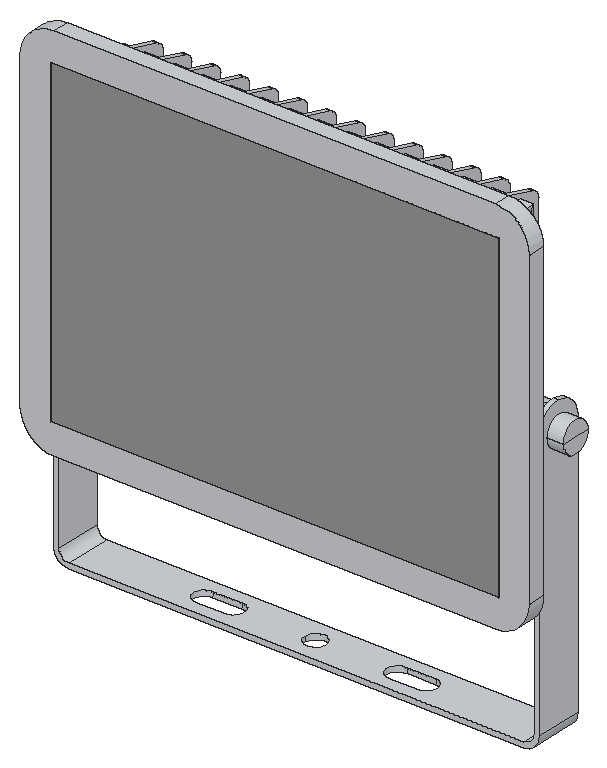
Revit family "START Flood Flat - 27W", category Lighting Fixtures, Revit 2017
Family settings
  Round Connector Dimension = Use Diameter
  Part Type = Normal
  OmniClass Number = 23.80.70.00
  OmniClass Title = Lighting
  Work Plane-Based = No
  Always vertical = Yes
  Cut with Voids When Loaded = No
  Light Source = Yes
  Shared = No
  Room Calculation Point = No
Parameters (values of type "0050113 ST FLD FLT IP65 2850LM 830 BK")
  Weight = "3.06 kg"
  Wattage = 27 W
  WarrantyStartDate [instance] = "n/a"
  WarrantyGuarantorParts = "n/a"
  WarrantyDurationUnit = "n/a"
  WarrantyDurationParts = "n/a"
  WarrantyDescription = "n/a"
  built-in parameter 1150110 = 1 (stored number, unit not read)
  Voltage = 0 V
  URL = "http://www.sylvania-lighting.com"
  TypeName = "Start Flood Flat IP65 2850LM 830 Black"
  built-in parameter 1114217 = 1 (stored number, unit not read)
  Tilt Angle = 0.00°
  built-in parameter 1150109 = 1 (stored number, unit not read)
  built-in parameter 1150134 = (empty or 0)
  built-in parameter 1150113 = 1 (stored number, unit not read)
  SerialNumber [instance] = "n/a"
  PowerFactor = 0.9
  PowerConsumption = "27 W"
  Photometric Web File = "0050113.ies"
  NominalWidth = 0 mm
  NominalLength = 133 mm
  NominalHeight = 28 mm
  Name = "Start Flood Flat IP65 2850LM 830 Black"
  ModelReference = "Start Flood Flat IP65 2850LM 830 Black"
  ModelNumber = "0050113"
  Model = "Start Flood Flat IP65 2850LM 830 Black"
  Material_4_FEILO = none
  Material_3_FEILO = none
  Material_2_FEILO = Default New Material
  Material_1_FEILO = none
  Material = "n/a"
  ManufacturerName = "Feilo Sylvania"
  Manufacturer = "Feilo Sylvania"
  LuminousEfficacy = "106 lm/W"
  Lumens = 2862 lm
  LuminaireType = ""
  built-in parameter 1150115 = 1 (stored number, unit not read)
  built-in parameter 1150105 = -3030228.4 (stored number, unit not read)
  LightOutputRatio = "n/a"
  built-in parameter 1150137 = (empty or 0)
  built-in parameter 1150139 = (empty or 0)
  LampsType = "LED"
  LampNominalLuminous = "2850 lm"
  LampMacAdamStep = "5"
  LampColourTemperature = "3000 K"
  LampColourRenderingIndex = "80"
  built-in parameter 1150112 = 1 (stored number, unit not read)
  built-in parameter 1150114 = 1 (stored number, unit not read)
  Lamp = "LED"
  LUM_WIDTH_SYL = 75 mm  # constant formula
  LUM_HEIGHT_SYL = 56 mm  # constant formula
  LUM_EXTR_ST_SYL = -5 mm
  LUM_EXTR_END_SYL = 0 mm
  LUM_DEPTH_SYL = 28 mm
  Keynote = "16500"
  InstallationDate [instance] = "n/a"
  InputVoltage = "n/a"
  InputNominalFrequency = "n/a"
  built-in parameter 1150132 = 2
  built-in parameter 1150102 = (empty or 0)
  built-in parameter 1150138 = (empty or 0)
  built-in parameter 1150107 = 3000 (stored number, unit not read)
  IngressProtection = "IP65"
  ImpactProtectionIndex = "IK06"
  built-in parameter 1150106 = -30302.3 (stored number, unit not read)
  IfcExportType = "IfcLightFixtureType"
  IfcExportAs = "IfcLightFixtureType"
  ElectricShockClassification = "Class I"
  built-in parameter 1150104 = 9.8477 (stored number, unit not read)
  DocumentationLiterature = "http://www.sylvania-lighting.com/product/en-int/products/0050113"
  DimmingControlOptions = "n/a"
  Dimming Lamp Color Temperature Shift = <None>
  DIF_WIDTH_SYL = 66 mm  # constant formula
  DIF_HEIGHT_SYL = 47.5 mm  # constant formula
  CreatedOn = "12/2/2020"
  CreatedBy = "@sylvania-lighting.com"
  Color Filter = 16777215
  ClassificationValue = "EF_70_80"
  ClassificationName = "Uniclass2015"
  CABLE_SIDE_DIST_SYL = 44 mm
  CABLE_LENGTH_SYL = 5 mm
  CABLE_FRONT_DIST_SYL = 17.5 mm
  CABLES_DIST_SYL = 56 mm
  BarCode [instance] = "n/a"
  built-in parameter 1114218 = 1 (stored number, unit not read)
  B_RAIL_R_DIST_SYL = 7 mm
  B_RAIL_HEIGHT_SYL = 27 mm
  B_RAIL_DEPTH_SYL = 44 mm
  B_RAIL_CHAMFER_SYL = 7 mm
  BRACKET_HOLDER_WIDTH_SYL = 12 mm
  BRACKET_HOLDER_HEIGHT_SYL = 17 mm
  BRACKET_HOLDER_DIST_SIDE_SYL = 2.8 mm
  BRACKET_HOLDER_DIST_BOTT_SYL = 42 mm
  BRACKET_HOLDER_DEPTH_SYL = 5.7 mm
  BOX_WIDTH_SYL = 60.5 mm
  BOX_TOP_DIST_SYL = 10.5 mm
  BOX_DEPTH_SYL = 14 mm
  BOX_BOTT_DIST_SYL = 28 mm
  BACK_RAIL_WIDTH_SYL = 1.4 mm
  BACK_RAIL_SIDE_DIST_SYL = 19 mm
  BACK_PL_EXTR_ST_SYL = -6 mm
  BACK_PL_EXTR_ST(-1)_SYL = BACK_PL_EXTR_ST_SYL * (-1)  # 6 mm
  BACK_PL_EXTR_END_SYL = -3 mm
  BACK_PL_EXTR_END(-1)_SYL = BACK_PL_EXTR_END_SYL * (-1)  # 3 mm
  built-in parameter 1150133 = 10 (stored number, unit not read)
  AssetType = "Fixed"
  AssetIdentifier [instance] = "n/a"
  Assembly Code = "D5020200"
  Apparent Load = 27 VA
  0_18W_SYL = yes
Types (5, lengths in mm): name | TypeName | built-in parameter 1150134 | Photometric Web File | Name | ModelReference | ModelNumber | Model | LuminousEfficacy | Lumens | built-in parameter 1150105 | LampNominalLuminous | LampColourTemperature | built-in parameter 1150107 | built-in parameter 1150106 | built-in parameter 1150104 | DocumentationLiterature
  0050153 ST FLD FLT IP65 3000LM 865 BK | "Start Flood Flat IP65 3000LM 865 Black" | 1 | "0050153.ies" | "Start Flood Flat IP65 3000LM 865 Black" | "Start Flood Flat IP65 3000LM 865 Black" | "0050153" | "Start Flood Flat IP65 3000LM 865 Black" | "111 lm/W" | 2997 lm | -3340156.5 (stored number, unit not read) | "3000 lm" | "6500 K" | 6500 (stored number, unit not read) | -33401.6 (stored number, unit not read) | 10.312 (stored number, unit not read) | "http://www.sylvania-lighting.com/product/en-int/products/0050153"
  0050116 ST FLD FLT IP65 3000LM 840 WH | "Start Flood Flat IP65 3000LM 840 White" | 12 | "0050116.ies" | "Start Flood Flat IP65 3000LM 840 White" | "Start Flood Flat IP65 3000LM 840 White" | "0050116" | "Start Flood Flat IP65 3000LM 840 White" | "111 lm/W" | 2997 lm | -3340156.5 (stored number, unit not read) | "3000 lm" | "4000 K" | 4000 (stored number, unit not read) | -33401.6 (stored number, unit not read) | 10.312 (stored number, unit not read) | "http://www.sylvania-lighting.com/product/en-int/products/0050116"
  0050115 ST FLD FLT IP65 2850LM 830 WH | "Start Flood Flat IP65 2850LM 830 White" | (empty or 0) | "0050115.ies" | "Start Flood Flat IP65 2850LM 830 White" | "Start Flood Flat IP65 2850LM 830 White" | "0050115" | "Start Flood Flat IP65 2850LM 830 White" | "106 lm/W" | 2862 lm | -3030228.4 (stored number, unit not read) | "2850 lm" | "3000 K" | 3000 (stored number, unit not read) | -30302.3 (stored number, unit not read) | 9.8477 (stored number, unit not read) | "http://www.sylvania-lighting.com/product/en-int/products/0050115"
  0050114 ST FLD FLT IP65 3000LM 840 BK | "Start Flood Flat IP65 3000LM 840 Black" | 12 | "0050114.ies" | "Start Flood Flat IP65 3000LM 840 Black" | "Start Flood Flat IP65 3000LM 840 Black" | "0050114" | "Start Flood Flat IP65 3000LM 840 Black" | "111 lm/W" | 2997 lm | -3340156.5 (stored number, unit not read) | "3000 lm" | "4000 K" | 4000 (stored number, unit not read) | -33401.6 (stored number, unit not read) | 10.312 (stored number, unit not read) | "http://www.sylvania-lighting.com/product/en-int/products/0050114"
  0050113 ST FLD FLT IP65 2850LM 830 BK | "Start Flood Flat IP65 2850LM 830 Black" | (empty or 0) | "0050113.ies" | "Start Flood Flat IP65 2850LM 830 Black" | "Start Flood Flat IP65 2850LM 830 Black" | "0050113" | "Start Flood Flat IP65 2850LM 830 Black" | "106 lm/W" | 2862 lm | -3030228.4 (stored number, unit not read) | "2850 lm" | "3000 K" | 3000 (stored number, unit not read) | -30302.3 (stored number, unit not read) | 9.8477 (stored number, unit not read) | "http://www.sylvania-lighting.com/product/en-int/products/0050113"
Reference planes
  plane 1 "Light Source Axis (F/B)": y = 0
  plane 2: z = 0
  plane 3 "Light Source Axis (L/R)": x = 0
  plane 4 "Light Source Elevation": z = -0.469
  plane 5: x = 75
  plane 6: x = -75
  plane 7: z = 56
  plane 8: z = -56
  plane 9: x = 66
  plane 10: x = -66
  plane 11: z = 47.5
  plane 12: z = -47.5
  plane 13: y = 6
  plane 14: y = 3
  plane 15: x = -60.5
  plane 16: x = 60.5
  plane 17: y = 20
  plane 18: z = 45.5
  plane 19: z = -28
  plane 20: y = 28
  plane 21: z = -14
  plane 22: z = -2
  plane 23: y = 21
  plane 24: x = 54.2
  plane 25: x = 39.5
  plane 26: x = 31
  plane 27: x = -25
  plane 28: y = 14
  plane 29: z = -38
  plane 30: y = 27
  plane 31: z = 16
  plane 32: z = 9
  plane 33: x = 56
  plane 34: x = 54.6
  plane 35: x = 47.6
  plane 36: x = 20.8
  plane 37: x = 13.8
  plane 38: x = 12.4
  plane 39: x = 5.4
  plane 40: x = 4
  plane 41: z = -50.4
  plane 42: x = 64
  plane 43: x = 70
  plane 44: z = -59.1
Forms (mm)
  Extrusion 1, solid
    sketch origin (0, 0, 0) x (1, 0, 0) y (0, 0, 1)
      loop
        arc (-65, 56) -> (-72.071, 53.071) -> (-75, 46) r 10
        line (-75, 46) -> (-75, -46)
        arc (-75, -46) -> (-72.071, -53.071) -> (-65, -56) r 10
        line (-65, -56) -> (65, -56)
        arc (65, -56) -> (72.071, -53.071) -> (75, -46) r 10
        line (75, -46) -> (75, 46)
        arc (75, 46) -> (72.071, 53.071) -> (65, 56) r 10
        line (65, 56) -> (-65, 56)
      loop
        line (-66, 47.5) -> (-66, -47.5) -> (66, -47.5) -> (66, 47.5) -> (-66, 47.5)
    from -5 <- "LUM_EXTR_ST_SYL" to 0 <- "LUM_EXTR_END_SYL"
  Extrusion 2, solid, material "Default New Material" <- "Material_2_FEILO"
    sketch origin (0, 0, 0) x (1, 0, 0) y (0, 0, 1)
      loop
        line (-66, 47.5) -> (-66, -47.5) -> (66, -47.5) -> (66, 47.5) -> (-66, 47.5)
    from -3 <- "BACK_PL_EXTR_END_SYL" to 0 <- "LUM_EXTR_END_SYL"
  Extrusion 3, solid
    sketch origin (0, 0, 0) x (1, 0, 0) y (0, 0, 1)
      loop
        line (66, 47.5) -> (-66, 47.5) -> (-66, -47.5) -> (66, -47.5) -> (66, 47.5)
    from -6 <- "BACK_PL_EXTR_ST_SYL" to -3 <- "BACK_PL_EXTR_END_SYL"
  Extrusion 4, solid
    sketch origin (0, 0, 0) x (1, 0, 0) y (0, 1, 0)
      loop
        arc (-59.5, 20) -> (-60.207, 19.707) -> (-60.5, 19) r 1
        line (-60.5, 19) -> (-60.5, 6) -> (60.5, 6) -> (60.5, 19)
        arc (60.5, 19) -> (60.207, 19.707) -> (59.5, 20) r 1
        line (59.5, 20) -> (-59.5, 20)
    from -28 to 45.5
  Extrusion 5, solid
    sketch origin (0, 0, 0) x (1, 0, 0) y (0, 1, 0)
      loop
        arc (-52.5, 28) -> (-58.157, 25.657) -> (-60.5, 20) r 8
        line (-60.5, 20) -> (-60.5, 6) -> (60.5, 6) -> (60.5, 20)
        arc (60.5, 20) -> (58.157, 25.657) -> (52.5, 28) r 8
        line (52.5, 28) -> (-52.5, 28)
    from -47.5 to -28
  Extrusion 6, solid
    sketch origin (0, 0, 0) x (0, 1, 0) y (0, 0, 1)
      loop
        line (5, -2) -> (5, -14) -> (15, -14)
        arc (15, -14) -> (19.243, -12.243) -> (21, -8) r 6
        arc (21, -8) -> (19.243, -3.757) -> (15, -2) r 6
        line (15, -2) -> (5, -2)
      loop
        circle (15, -8) r 2.5
    from 64 to 70
  Extrusion 7, solid
    sketch origin (0, 0, 0) x (1, 0, 0) y (0, 1, 0)
      loop
        circle (-25, 14) r 7
      loop
        circle (31, 14) r 9
    from -59.1 to -47.5
  Extrusion 8, solid
    sketch origin (-75.017, 5.639, -10.469) x (0, 1, 0) y (0, 0, -1)
      loop
        line (-0.625, 17.969) -> (-0.625, -34.188) -> (-0.625, -61.668) -> (19.238, -55.969)
        arc (19.238, -55.969) -> (20.908, -54.706) -> (21.299, -52.649) r 2.911
        line (21.299, -52.649) -> (21.299, 17.969) -> (-0.625, 17.969)
    from -131.017 to -129.617
  Extrusion 9, solid
    sketch origin (0, 0, 0) x (0, 1, 0) y (0, 0, -1)
      loop
        line (5, 2) -> (15, 2)
        arc (15, 2) -> (19.243, 3.757) -> (21, 8) r 6
        arc (21, 8) -> (19.243, 12.243) -> (15, 14) r 6
        line (15, 14) -> (5, 14) -> (5, 2)
      loop
        circle (15, 8) r 2.5
    from 64 to 70
  Extrusion 10, solid
    sketch origin (75.017, 5.639, -10.469) x (0, 1, 0) y (0, 0, 1)
      loop
        line (-0.625, -17.969) -> (21.299, -17.969) -> (21.299, 52.649)
        arc (21.299, 52.649) -> (20.908, 54.706) -> (19.238, 55.969) r 2.911
        line (19.238, 55.969) -> (-0.625, 61.668) -> (-0.625, 34.188) -> (-0.625, -17.969)
    from -131.017 to -129.617
  Extrusion 11, solid
    sketch origin (-185.617, 5.639, -10.469) x (0, 1, 0) y (0, 0, -1)
      loop
        line (-0.625, 17.969) -> (-0.625, -34.188) -> (-0.625, -61.668) -> (19.238, -55.969)
        arc (19.238, -55.969) -> (20.908, -54.706) -> (21.299, -52.649) r 2.911
        line (21.299, -52.649) -> (21.299, 17.969) -> (-0.625, 17.969)
    from -131.017 to -129.617
  Extrusion 12, solid
    sketch origin (-83.524, 5.639, -10.469) x (0, 1, 0) y (0, 0, -1)
      loop
        line (-0.625, 17.969) -> (-0.625, -34.188) -> (-0.625, -61.668) -> (19.238, -55.969)
        arc (19.238, -55.969) -> (20.908, -54.706) -> (21.299, -52.649) r 2.911
        line (21.299, -52.649) -> (21.299, 17.969) -> (-0.625, 17.969)
    from -131.017 to -129.617
  Extrusion 13, solid
    sketch origin (-92.032, 5.639, -10.469) x (0, 1, 0) y (0, 0, -1)
      loop
        line (-0.625, 17.969) -> (-0.625, -34.188) -> (-0.625, -61.668) -> (19.238, -55.969)
        arc (19.238, -55.969) -> (20.908, -54.706) -> (21.299, -52.649) r 2.911
        line (21.299, -52.649) -> (21.299, 17.969) -> (-0.625, 17.969)
    from -131.017 to -129.617
  Extrusion 14, solid
    sketch origin (-100.54, 5.639, -10.469) x (0, 1, 0) y (0, 0, -1)
      loop
        line (-0.625, 17.969) -> (-0.625, -34.188) -> (-0.625, -61.668) -> (19.238, -55.969)
        arc (19.238, -55.969) -> (20.908, -54.706) -> (21.299, -52.649) r 2.911
        line (21.299, -52.649) -> (21.299, 17.969) -> (-0.625, 17.969)
    from -131.017 to -129.617
  Extrusion 15, solid
    sketch origin (-109.047, 5.639, -10.469) x (0, 1, 0) y (0, 0, -1)
      loop
        line (-0.625, 17.969) -> (-0.625, -34.188) -> (-0.625, -61.668) -> (19.238, -55.969)
        arc (19.238, -55.969) -> (20.908, -54.706) -> (21.299, -52.649) r 2.911
        line (21.299, -52.649) -> (21.299, 17.969) -> (-0.625, 17.969)
    from -131.017 to -129.617
  Extrusion 16, solid
    sketch origin (-117.555, 5.639, -10.469) x (0, 1, 0) y (0, 0, -1)
      loop
        line (-0.625, 17.969) -> (-0.625, -34.188) -> (-0.625, -61.668) -> (19.238, -55.969)
        arc (19.238, -55.969) -> (20.908, -54.706) -> (21.299, -52.649) r 2.911
        line (21.299, -52.649) -> (21.299, 17.969) -> (-0.625, 17.969)
    from -131.017 to -129.617
  Extrusion 17, solid
    sketch origin (-126.063, 5.639, -10.469) x (0, 1, 0) y (0, 0, -1)
      loop
        line (-0.625, 17.969) -> (-0.625, -34.188) -> (-0.625, -61.668) -> (19.238, -55.969)
        arc (19.238, -55.969) -> (20.908, -54.706) -> (21.299, -52.649) r 2.911
        line (21.299, -52.649) -> (21.299, 17.969) -> (-0.625, 17.969)
    from -131.017 to -129.617
  Extrusion 18, solid
    sketch origin (-134.571, 5.639, -10.469) x (0, 1, 0) y (0, 0, -1)
      loop
        line (-0.625, 17.969) -> (-0.625, -34.188) -> (-0.625, -61.668) -> (19.238, -55.969)
        arc (19.238, -55.969) -> (20.908, -54.706) -> (21.299, -52.649) r 2.911
        line (21.299, -52.649) -> (21.299, 17.969) -> (-0.625, 17.969)
    from -131.017 to -129.617
  Extrusion 19, solid
    sketch origin (-143.078, 5.639, -10.469) x (0, 1, 0) y (0, 0, -1)
      loop
        line (-0.625, 17.969) -> (-0.625, -34.188) -> (-0.625, -61.668) -> (19.238, -55.969)
        arc (19.238, -55.969) -> (20.908, -54.706) -> (21.299, -52.649) r 2.911
        line (21.299, -52.649) -> (21.299, 17.969) -> (-0.625, 17.969)
    from -131.017 to -129.617
  Extrusion 20, solid
    sketch origin (-151.586, 5.639, -10.469) x (0, 1, 0) y (0, 0, -1)
      loop
        line (-0.625, 17.969) -> (-0.625, -34.188) -> (-0.625, -61.668) -> (19.238, -55.969)
        arc (19.238, -55.969) -> (20.908, -54.706) -> (21.299, -52.649) r 2.911
        line (21.299, -52.649) -> (21.299, 17.969) -> (-0.625, 17.969)
    from -131.017 to -129.617
  Extrusion 21, solid
    sketch origin (-160.094, 5.639, -10.469) x (0, 1, 0) y (0, 0, -1)
      loop
        line (-0.625, 17.969) -> (-0.625, -34.188) -> (-0.625, -61.668) -> (19.238, -55.969)
        arc (19.238, -55.969) -> (20.908, -54.706) -> (21.299, -52.649) r 2.911
        line (21.299, -52.649) -> (21.299, 17.969) -> (-0.625, 17.969)
    from -131.017 to -129.617
  Extrusion 22, solid
    sketch origin (-168.601, 5.639, -10.469) x (0, 1, 0) y (0, 0, -1)
      loop
        line (-0.625, 17.969) -> (-0.625, -34.188) -> (-0.625, -61.668) -> (19.238, -55.969)
        arc (19.238, -55.969) -> (20.908, -54.706) -> (21.299, -52.649) r 2.911
        line (21.299, -52.649) -> (21.299, 17.969) -> (-0.625, 17.969)
    from -131.017 to -129.617
  Extrusion 23, solid
    sketch origin (-177.109, 5.639, -10.469) x (0, 1, 0) y (0, 0, -1)
      loop
        line (-0.625, 17.969) -> (-0.625, -34.188) -> (-0.625, -61.668) -> (19.238, -55.969)
        arc (19.238, -55.969) -> (20.908, -54.706) -> (21.299, -52.649) r 2.911
        line (21.299, -52.649) -> (21.299, 17.969) -> (-0.625, 17.969)
    from -131.017 to -129.617
Cuts and joins
  joined: Extrusion 1, Extrusion 3, Extrusion 4, Extrusion 5
Dimensions and locks
  "LUM_WIDTH_SYL": plane 5 to plane 3 "Light Source Axis (L/R)" to plane 6
  "LUM_HEIGHT_SYL": plane 7 to plane 2 to plane 8
  "DIF_WIDTH_SYL": plane 9 to plane 3 "Light Source Axis (L/R)" to plane 10
  "DIF_HEIGHT_SYL": plane 11 to plane 2 to plane 12
  "BACK_PL_EXTR_ST(-1)_SYL": plane 1 "Light Source Axis (F/B)" to plane 13
  "BACK_PL_EXTR_END(-1)_SYL": plane 1 "Light Source Axis (F/B)" to plane 14
  "BOX_WIDTH_SYL": plane 15 to plane 3 "Light Source Axis (L/R)" to plane 16
  "BOX_DEPTH_SYL": plane 13 to plane 17
  "BOX_TOP_DIST_SYL": plane 18 to plane 7
  "BOX_BOTT_DIST_SYL": plane 8 to plane 19
  "LUM_DEPTH_SYL": plane 1 "Light Source Axis (F/B)" to plane 20
  "BRACKET_HOLDER_DIST_BOTT_SYL": plane 21 to plane 8
  "BRACKET_HOLDER_WIDTH_SYL": plane 22 to plane 21
  cut or joined group of Extrusion 1, Extrusion 3, Extrusion 4, Extrusion 5 to plane 23 = 15 mm
  cut or joined group of Extrusion 1, Extrusion 3, Extrusion 4, Extrusion 5 to plane 24 = 20.8 mm
  plane 25 to plane 24 = 14.7 mm
  "CABLES_DIST_SYL": plane 27 to plane 26
  "CABLE_SIDE_DIST_SYL": plane 26 to plane 5
  cut or joined group of Extrusion 1, Extrusion 3, Extrusion 4, Extrusion 5 to plane 28 = 14 mm
  cut or joined group of Extrusion 1, Extrusion 3, Extrusion 4, Extrusion 5 to plane 29 = 18 mm
  "B_RAIL_HEIGHT_SYL": plane 30 to plane 1 "Light Source Axis (F/B)"
  "B_RAIL_DEPTH_SYL": plane 31 to plane 19
  "B_RAIL_CHAMFER_SYL": plane 31 to plane 32
  "BACK_RAIL_SIDE_DIST_SYL": plane 5 to plane 33
  "BACK_RAIL_WIDTH_SYL": plane 33 to plane 34
  "B_RAIL_R_DIST_SYL": plane 34 to plane 35
  "B_RAIL_R_DIST_SYL": plane 36 to plane 37
  "BACK_RAIL_WIDTH_SYL": plane 37 to plane 38
  "BACK_RAIL_WIDTH_SYL": plane 39 to plane 40
  "B_RAIL_R_DIST_SYL": plane 38 to plane 39
  plane 35 to plane 26 = 16.6 mm
  equal spacing: group 2, group 14, group 13, group 12, group 11, group 10, group 9, group 8, group 7, group 6, group 5, group 4, group 3, group 1
  equal spacing: group 1, group 3, group 4, group 5, group 6, group 7, group 8, group 9, group 10, group 11, group 12, group 13, group 14, group 2  (x2)
  aligned and locked: plane 4 "Light Source Elevation" to imposter light
  aligned and locked: level to plane 2
  aligned and locked: Extrusion 1 sketch curve to plane 7
  aligned and locked: plane 6 to Extrusion 1 sketch curve
  aligned and locked: plane 8 to Extrusion 1 sketch curve
  aligned and locked: Extrusion 1 sketch curve to plane 5
  aligned and locked: Extrusion 1 sketch curve to plane 11
  aligned and locked: plane 10 to Extrusion 1 sketch curve
  aligned and locked: plane 12 to Extrusion 1 sketch curve
  aligned and locked: Extrusion 1 sketch curve to plane 9
  aligned and locked: Extrusion 2 sketch curve to Extrusion 1  (x4)
  aligned and locked: Extrusion 3 sketch curve to Extrusion 1  (x4)
  aligned and locked: Extrusion 3 to Extrusion 2
  aligned and locked: plane 17 to Extrusion 4 sketch curve
  aligned and locked: plane 15 to Extrusion 4 sketch curve
  aligned and locked: Extrusion 4 sketch curve to plane 13
  aligned and locked: Extrusion 4 sketch curve to plane 16
  aligned and locked: plane 18 to Extrusion 4
  aligned and locked: Extrusion 4 to plane 19
  aligned and locked: plane 20 to Extrusion 5 sketch curve
  aligned and locked: plane 15 to Extrusion 5 sketch curve
  aligned and locked: cut or joined group of Extrusion 1, Extrusion 3, Extrusion 4, Extrusion 5 to Extrusion 5 sketch curve
  aligned and locked: Extrusion 5 sketch curve to cut or joined group of Extrusion 1, Extrusion 3, Extrusion 4, Extrusion 5
  aligned and locked: plane 19 to Extrusion 5
  aligned and locked: Extrusion 5 to plane 12
  aligned and locked: Extrusion 6 sketch curve to plane 22
  aligned and locked: plane 21 to Extrusion 6 sketch curve
  aligned and locked: Extrusion 7 to Extrusion 2
  aligned and locked: Extrusion 6 to cut or joined group of Extrusion 1, Extrusion 3, Extrusion 4, Extrusion 5
  aligned and locked: plane 42 to Extrusion 6
  aligned and locked: Extrusion 6 to plane 43
  aligned and locked: Extrusion 7 to plane 44
  aligned and locked: plane 33 to Extrusion 8
  aligned and locked: Extrusion 8 to plane 34
Automatic sketch dimensions
  plane 18 to Extrusion 1 sketch curve = 0.5 mm  (x2)
  plane 10 to Extrusion 1 sketch curve = 1 mm
  Extrusion 1 sketch curve to plane 9 = 1 mm
  plane 15 to Extrusion 4 sketch curve = 1 mm
  Extrusion 4 sketch curve to plane 16 = 1 mm
  Extrusion 5 sketch curve to plane 15 = 0 mm
  plane 28 to Extrusion 5 sketch curve = 6 mm  (x2)
  Extrusion 6 sketch curve to Extrusion 6 sketch curve = 0 mm  (x5)
  Extrusion 6 sketch curve to plane 23 = 0 mm
  plane 13 to Extrusion 6 sketch curve = 1 mm
  Extrusion 7 sketch curve to plane 27 = 0 mm
  Extrusion 7 sketch curve to plane 26 = 0 mm
  Extrusion 7 sketch curve to plane 28 = 0 mm  (x2)
  Extrusion 9 sketch curve to Extrusion 9 sketch curve = 0 mm  (x6)
  Extrusion 9 sketch curve to plane 21 = 0 mm
  Extrusion 9 sketch curve to plane 22 = 0 mm
  Extrusion 9 sketch curve to plane 23 = 0 mm
  plane 13 to Extrusion 9 sketch curve = 1 mm
  Extrusion 10 sketch curve to plane 18 = 0 mm
  Extrusion 10 sketch curve to plane 19 = 0.438 mm
  plane 13 to Extrusion 10 sketch curve = 0.986 mm
  plane 30 to Extrusion 10 sketch curve = 2.927 mm
  plane 30 to Extrusion 10 sketch curve = 2.124 mm
  plane 30 to Extrusion 10 sketch curve = 0.062 mm
  plane 31 to Extrusion 10 sketch curve = 7.719 mm
  Extrusion 10 sketch curve to plane 18 = 3.32 mm
  Extrusion 8 sketch curve to Extrusion 8 sketch curve = 19.06 mm
  Extrusion 8 sketch curve to Extrusion 8 sketch curve = 0.803 mm
  Extrusion 8 sketch curve to Extrusion 8 sketch curve = 21.924 mm
  Extrusion 8 sketch curve to Extrusion 8 sketch curve = 5.699 mm
  Extrusion 8 sketch curve to Extrusion 8 sketch curve = 18.983 mm
  Extrusion 8 sketch curve to Extrusion 8 sketch curve = 52.156 mm
  Extrusion 11 sketch curve to Extrusion 11 sketch curve = 19.06 mm
  Extrusion 11 sketch curve to Extrusion 11 sketch curve = 0.803 mm
  Extrusion 11 sketch curve to Extrusion 11 sketch curve = 21.924 mm
  Extrusion 11 sketch curve to Extrusion 11 sketch curve = 5.699 mm
  Extrusion 11 sketch curve to Extrusion 11 sketch curve = 18.983 mm
  Extrusion 11 sketch curve to Extrusion 11 sketch curve = 52.156 mm
  Extrusion 12 sketch curve to Extrusion 12 sketch curve = 19.06 mm
  Extrusion 12 sketch curve to Extrusion 12 sketch curve = 0.803 mm
  Extrusion 12 sketch curve to Extrusion 12 sketch curve = 21.924 mm
  Extrusion 12 sketch curve to Extrusion 12 sketch curve = 5.699 mm
  Extrusion 12 sketch curve to Extrusion 12 sketch curve = 18.983 mm
  Extrusion 12 sketch curve to Extrusion 12 sketch curve = 52.156 mm
  Extrusion 13 sketch curve to Extrusion 13 sketch curve = 19.06 mm
  Extrusion 13 sketch curve to Extrusion 13 sketch curve = 0.803 mm
  Extrusion 13 sketch curve to Extrusion 13 sketch curve = 21.924 mm
  Extrusion 13 sketch curve to Extrusion 13 sketch curve = 5.699 mm
  Extrusion 13 sketch curve to Extrusion 13 sketch curve = 18.983 mm
  Extrusion 13 sketch curve to Extrusion 13 sketch curve = 52.156 mm
  Extrusion 14 sketch curve to Extrusion 14 sketch curve = 19.06 mm
  Extrusion 14 sketch curve to Extrusion 14 sketch curve = 0.803 mm
  Extrusion 14 sketch curve to Extrusion 14 sketch curve = 21.924 mm
  Extrusion 14 sketch curve to Extrusion 14 sketch curve = 5.699 mm
  Extrusion 14 sketch curve to Extrusion 14 sketch curve = 18.983 mm
  Extrusion 14 sketch curve to Extrusion 14 sketch curve = 52.156 mm
  Extrusion 15 sketch curve to Extrusion 15 sketch curve = 19.06 mm
  Extrusion 15 sketch curve to Extrusion 15 sketch curve = 0.803 mm
  Extrusion 15 sketch curve to Extrusion 15 sketch curve = 21.924 mm
  Extrusion 15 sketch curve to Extrusion 15 sketch curve = 5.699 mm
  Extrusion 15 sketch curve to Extrusion 15 sketch curve = 18.983 mm
  Extrusion 15 sketch curve to Extrusion 15 sketch curve = 52.156 mm
  Extrusion 16 sketch curve to Extrusion 16 sketch curve = 19.06 mm
  Extrusion 16 sketch curve to Extrusion 16 sketch curve = 0.803 mm
  Extrusion 16 sketch curve to Extrusion 16 sketch curve = 21.924 mm
  Extrusion 16 sketch curve to Extrusion 16 sketch curve = 5.699 mm
  Extrusion 16 sketch curve to Extrusion 16 sketch curve = 18.983 mm
  Extrusion 16 sketch curve to Extrusion 16 sketch curve = 52.156 mm
  Extrusion 17 sketch curve to Extrusion 17 sketch curve = 19.06 mm
  Extrusion 17 sketch curve to Extrusion 17 sketch curve = 0.803 mm
  Extrusion 17 sketch curve to Extrusion 17 sketch curve = 21.924 mm
  Extrusion 17 sketch curve to Extrusion 17 sketch curve = 5.699 mm
  Extrusion 17 sketch curve to Extrusion 17 sketch curve = 18.983 mm
  Extrusion 17 sketch curve to Extrusion 17 sketch curve = 52.156 mm
  Extrusion 18 sketch curve to Extrusion 18 sketch curve = 19.06 mm
  Extrusion 18 sketch curve to Extrusion 18 sketch curve = 0.803 mm
  Extrusion 18 sketch curve to Extrusion 18 sketch curve = 21.924 mm
  Extrusion 18 sketch curve to Extrusion 18 sketch curve = 5.699 mm
  Extrusion 18 sketch curve to Extrusion 18 sketch curve = 18.983 mm
  Extrusion 18 sketch curve to Extrusion 18 sketch curve = 52.156 mm
  Extrusion 19 sketch curve to Extrusion 19 sketch curve = 19.06 mm
  Extrusion 19 sketch curve to Extrusion 19 sketch curve = 0.803 mm
  Extrusion 19 sketch curve to Extrusion 19 sketch curve = 21.924 mm
  Extrusion 19 sketch curve to Extrusion 19 sketch curve = 5.699 mm
  Extrusion 19 sketch curve to Extrusion 19 sketch curve = 18.983 mm
  Extrusion 19 sketch curve to Extrusion 19 sketch curve = 52.156 mm
  Extrusion 20 sketch curve to Extrusion 20 sketch curve = 19.06 mm
  Extrusion 20 sketch curve to Extrusion 20 sketch curve = 0.803 mm
  Extrusion 20 sketch curve to Extrusion 20 sketch curve = 21.924 mm
  Extrusion 20 sketch curve to Extrusion 20 sketch curve = 5.699 mm
  Extrusion 20 sketch curve to Extrusion 20 sketch curve = 18.983 mm
  Extrusion 20 sketch curve to Extrusion 20 sketch curve = 52.156 mm
  Extrusion 21 sketch curve to Extrusion 21 sketch curve = 19.06 mm
  Extrusion 21 sketch curve to Extrusion 21 sketch curve = 0.803 mm
  Extrusion 21 sketch curve to Extrusion 21 sketch curve = 21.924 mm
  Extrusion 21 sketch curve to Extrusion 21 sketch curve = 5.699 mm
  Extrusion 21 sketch curve to Extrusion 21 sketch curve = 18.983 mm
  Extrusion 21 sketch curve to Extrusion 21 sketch curve = 52.156 mm
  Extrusion 22 sketch curve to Extrusion 22 sketch curve = 19.06 mm
  Extrusion 22 sketch curve to Extrusion 22 sketch curve = 0.803 mm
  Extrusion 22 sketch curve to Extrusion 22 sketch curve = 21.924 mm
  Extrusion 22 sketch curve to Extrusion 22 sketch curve = 5.699 mm
  Extrusion 22 sketch curve to Extrusion 22 sketch curve = 18.983 mm
  Extrusion 22 sketch curve to Extrusion 22 sketch curve = 52.156 mm
  Extrusion 23 sketch curve to Extrusion 23 sketch curve = 19.06 mm
  Extrusion 23 sketch curve to Extrusion 23 sketch curve = 0.803 mm
  Extrusion 23 sketch curve to Extrusion 23 sketch curve = 21.924 mm
  Extrusion 23 sketch curve to Extrusion 23 sketch curve = 5.699 mm
  Extrusion 23 sketch curve to Extrusion 23 sketch curve = 18.983 mm
  Extrusion 23 sketch curve to Extrusion 23 sketch curve = 52.156 mm
  radius of Extrusion 6 sketch curve = 2.5 mm
  radius of Extrusion 7 sketch curve = 7 mm
  radius of Extrusion 7 sketch curve = 9 mm
  radius of Extrusion 9 sketch curve = 2.5 mm
Nested families
  nested 1: "START Flood Flat - 27W_bracket" at (0, 15.031, -52.52), type "START Flood Flat - 27W_bracket"
  nested 2: "bolt" at (-71.5, 15.031, -8.02) x (-1, 0, 0) z (0, 0, 1), type "bolt"
  nested 3: "bolt" at (71.5, 15.031, -7.969), type "bolt"
Definition of nested family "START Flood Flat - 27W_bracket"
  Parameters (values of type "START Flood Flat - 27W_bracket")
    WIDTH_SYL = 143 mm
    THICKNESS_SYL = 1.5 mm
    Material_4_SYL = none
    Material_3_SYL = none
    Material_2_SYL = none
    Material_1_SYL = none
    HOLE_DIST_SYL = 8.5 mm
    HOLE2_DIST_SYL = 8 mm
    HEIGHT_SYL = 90 mm
    HALF_SYL = WIDTH_SYL / 2  # 71.5 mm
    FILLET_SYL = 7 mm
    DEPTH_2_SYL = -7 mm
    DEPTH_1_SYL = 7 mm
    CUTOUT_DIST_SYL = 24.2 mm
  Reference planes
    plane 1 "Center (Front/Back)": y = 0
    plane 2: z = 0
    plane 3 "Center (Left/Right)": x = 0
    plane 4: x = -71.5
    plane 5: x = 71.5
    plane 6: z = -37.5
    plane 7: z = 52.5
    plane 8: x = -70
    plane 9: z = -36
    plane 10: x = 70
    plane 11: z = 44.5
    plane 12: z = 45.5
    plane 13: x = 24.2
    plane 14: x = -24.2
    plane 15: x = 32.7
    plane 16: x = -32.7
  Forms (mm)
    Extrusion 1, solid
      sketch origin (0, 0, 0) x (1, 0, 0) y (0, 0, 1)
        loop
          arc (-71.5, -33) -> (-70.182, -36.182) -> (-67, -37.5) r 4.5
          line (-67, -37.5) -> (67, -37.5)
          arc (67, -37.5) -> (70.182, -36.182) -> (71.5, -33) r 4.5
          line (71.5, -33) -> (71.5, 52.5) -> (70, 52.5) -> (70, -33)
          arc (70, -33) -> (69.121, -35.121) -> (67, -36) r 3
          line (67, -36) -> (-67, -36)
          arc (-67, -36) -> (-69.121, -35.121) -> (-70, -33) r 3
          line (-70, -33) -> (-70, 52.5) -> (-71.5, 52.5) -> (-71.5, -33)
      from -7 <- "DEPTH_2_SYL" to 7 <- "DEPTH_1_SYL"
    Extrusion 2, void
      sketch origin (0, 0, 0) x (0, 1, 0) y (0, 0, 1)
        loop
          circle (0, 44.5) r 3.15
      from -71.5 to 71.5
    Extrusion 3, void
      sketch origin (0, 0, 0) x (0, 1, 0) y (0, 0, 1)
        loop
          line (7, 45.5) -> (14.83, 58.08) -> (-15.17, 58.08) -> (-7, 45.5)
          arc (-7, 45.5) -> (-4.95, 50.45) -> (0, 52.5) r 7
          arc (0, 52.5) -> (4.95, 50.45) -> (7, 45.5) r 7
      from -71.5 to 71.5
    Extrusion 4, void
      sketch origin (0, 0, 0) x (1, 0, 0) y (0, 1, 0)
        loop
          circle (0, 0) r 3.25
        loop
          arc (-32.7, 3.25) -> (-35.95, 0) -> (-32.7, -3.25) r 3.25
          line (-32.7, -3.25) -> (-24.2, -3.25)
          arc (-24.2, -3.25) -> (-20.95, 0) -> (-24.2, 3.25) r 3.25
          line (-24.2, 3.25) -> (-32.7, 3.25)
        loop
          line (24.2, -3.25) -> (32.7, -3.25)
          arc (32.7, -3.25) -> (35.95, 0) -> (32.7, 3.25) r 3.25
          line (32.7, 3.25) -> (24.2, 3.25)
          arc (24.2, 3.25) -> (20.95, 0) -> (24.2, -3.25) r 3.25
      from -54.767 to -28.006
  Cuts and joins
    Extrusion 2, Extrusion 3, Extrusion 4 cuts Extrusion 1
  Dimensions and locks
    "THICKNESS_SYL": plane 8 to plane 4
    "THICKNESS_SYL": plane 5 to plane 10
    "WIDTH_SYL": plane 5 to plane 4
    "HEIGHT_SYL": plane 7 to plane 6
    "FILLET_SYL": plane 7 to plane 12
    "CUTOUT_DIST_SYL": plane 14 to plane 3 "Center (Left/Right)" to plane 13
    "HOLE_DIST_SYL": plane 16 to plane 14
    "HOLE_DIST_SYL": plane 13 to plane 15
    "HOLE2_DIST_SYL": plane 7 to plane 11
    "HALF_SYL": plane 4 to plane 3 "Center (Left/Right)"
    aligned and locked: level to plane 2
    aligned and locked: plane 4 to Extrusion 1 sketch curve
    aligned and locked: plane 6 to Extrusion 1 sketch curve
    aligned and locked: Extrusion 1 sketch curve to plane 5
    aligned and locked: plane 8 to Extrusion 1 sketch curve
    aligned and locked: plane 9 to Extrusion 1 sketch curve
    aligned and locked: Extrusion 1 sketch curve to plane 10
    aligned and locked: plane 7 to Extrusion 1 sketch curve  (x2)
    aligned and locked: Extrusion 1 to Extrusion 2  (x2)
    aligned and locked: Extrusion 1 to Extrusion 3
    aligned and locked: Extrusion 3 to Extrusion 1
  Automatic sketch dimensions
    Extrusion 1 sketch curve to Extrusion 1 sketch curve = 0 mm
    plane 8 to Extrusion 1 sketch curve = 3 mm
    Extrusion 1 sketch curve to plane 10 = 3 mm
    Extrusion 1 sketch curve to Extrusion 1 sketch curve = 3 mm
    Extrusion 2 sketch curve to plane 1 "Center (Front/Back)" = 0 mm
    Extrusion 2 sketch curve to plane 11 = 0 mm
    Extrusion 3 sketch curve to Extrusion 3 sketch curve = 0 mm
    Extrusion 3 sketch curve to plane 12 = 0 mm
    Extrusion 3 sketch curve to plane 1 "Center (Front/Back)" = 0 mm
    Extrusion 3 sketch curve to plane 7 = 0 mm
    Extrusion 3 sketch curve to Extrusion 3 sketch curve = 8.17 mm
    plane 7 to Extrusion 3 sketch curve = 5.58 mm
    Extrusion 3 sketch curve to Extrusion 3 sketch curve = 7.83 mm
    plane 1 "Center (Front/Back)" to Extrusion 4 sketch curve = 0 mm  (x3)
    Extrusion 4 sketch curve to plane 16 = 0 mm
    Extrusion 4 sketch curve to plane 14 = 0 mm
    Extrusion 4 sketch curve to plane 3 "Center (Left/Right)" = 0 mm
    Extrusion 4 sketch curve to plane 13 = 0 mm
    Extrusion 4 sketch curve to plane 15 = 0 mm
    plane 1 "Center (Front/Back)" to Extrusion 4 sketch curve = 3.25 mm  (x2)
    radius of Extrusion 2 sketch curve = 3.15 mm
    radius of Extrusion 4 sketch curve = 3.25 mm
Definition of nested family "bolt"
  Parameters (values of type "bolt")
    Material_4_SYL = none
    Material_3_SYL = none
    Material_2_SYL = none
    Material_1_SYL = none
  Reference planes
    plane 1 "Center (Front/Back)": y = 0
    plane 2: z = 0
    plane 3 "Center (Left/Right)": x = 0
    plane 4: x = 5
    plane 5: x = -10
    plane 6: y = 2.5
    plane 7: y = -2.5
    plane 8: y = 4.5
    plane 9: y = -4.5
  Forms (mm)
    Revolve 1, solid
      sketch origin (0, 0, 0) x (1, 0, 0) y (0, 1, 0)
        loop
          line (5, 0) -> (-10, 0) -> (-10, -2.5) -> (0, -2.5) -> (0, -4.5) -> (5, -4.5) -> (5, 0)
        axis (5, 0) -> (-10, 0)
      angle from 0 to 360
  Dimensions and locks
    aligned and locked: level to plane 2
